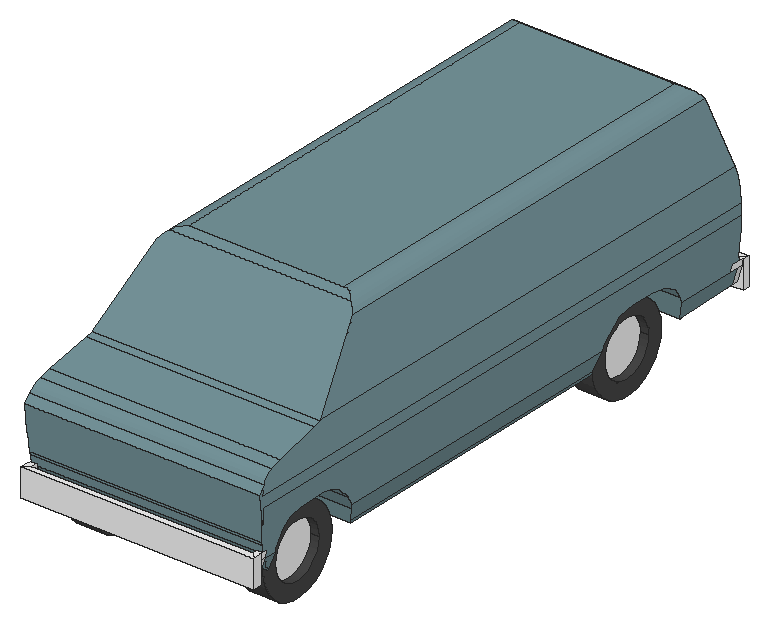
Revit family "325a13af71f342908502a2dc19538e72", category Entourage, Revit 2021
Family settings
  Seek Item ID = Van-0000-USA-ENU
  Work Plane-Based = No
  Always vertical = No
  Cut with Voids When Loaded = No
  Render Appearance Source = Family Geometry
  Shared = No
  Room Calculation Point = No
Parameters (values of type "Delivery Van")
  Tire Material = Rubber - Black
  Height = 0' - 0"
  Material = Metal - Paint Finish - Blue, Sky
Reference planes (in)
  plane 1 "Center (Front/Back)": x = 1.26923
  plane 2: z = 0
  plane 3 "Center (Left/Right)": y = -1.26923
  plane 4: y = 118.73077
  plane 5 "3": y = -77.26923
  plane 6 "1": x = -17.23503
  plane 7 "2": x = 20.48331
  plane 8: z = 24.54164
Forms (in)
  Extrusion 1, solid, material "Metal - Paint Finish - Blue, Sky" <- "Material"
    sketch origin (1.26923, -264, 0) x (0, -1, 0) y (0, 0, 1)
      loop
        line (-359.81964, 16.30561) -> (-357.88426, 24.06797) -> (-355.55174, 27.59022) -> (-351.43812, 29.96522) -> (-346.02168, 30.92029) -> (-337.77168, 30.92029) -> (-332.10904, 29.92181) -> (-326.37885, 24.54164) -> (-323.81374, 15.51764) -> (-226.56274, 15.51764) -> (-225.11272, 20.92919) -> (-222.58431, 25.49057) -> (-219.23865, 29.2063) -> (-216.14834, 30.84945) -> (-212.45531, 31.50063) -> (-202.95531, 31.50063) -> (-198.85012, 30.40065) -> (-196.09209, 28.24583) -> (-193.30443, 23.21677) -> (-192.4346, 17.02759) -> (-191.75067, 17.21085) -> (-188.33577, 23.91296) -> (-187.85355, 26.64775) -> (-187.74903, 27.64227) -> (-186.23332, 42.06329) -> (-188.24071, 44.29273)
        arc (-188.24071, 44.29273) -> (-189.78903, 46.14044) -> (-191.89645, 47.31097) r 6.61754
        line (-191.89645, 47.31097) -> (-195.51867, 48.28154) -> (-209.94634, 51.34824) -> (-212.36116, 51.99528) -> (-234.07283, 74.636)
        arc (-234.07283, 74.636) -> (-238.5288, 76.30779) -> (-243.22369, 77.08797) r 24.53861
        line (-243.22369, 77.08797) -> (-366.97369, 77.08797)
        arc (-366.97369, 77.08797) -> (-371.213, 75.93941) -> (-374.53579, 73.06713) r 9.88146
        arc (-374.53579, 73.06713) -> (-378.03866, 61.73038) -> (-380.75416, 50.1797) r 172.55714
        line (-380.75416, 50.1797) -> (-381.09619, 49.24001) -> (-381.42302, 45.50428) -> (-381.42302, 34.00428) -> (-380.58679, 26.0481) -> (-381.11712, 25.51777) -> (-380.27253, 17.48198) -> (-359.81964, 16.30561)
    from 38.23121 to -38.23121
  Extrusion 2, solid, material "Rubber - Black" <- "Tire Material"
    sketch origin (-3.73077, -40, 40) x (0, -1, 0) y (0, 0, 1)
      loop
        circle (-118.73124, -26) r 14
      loop
        circle (14.90305, -26) r 14
      loop
        circle (14.90305, -26) r 9
      loop
        circle (-118.73124, -26) r 9
    from 19 to 27
  Sweep 3, solid, material "Steel"
    path origin (225, 219, 0) x (1, 0, 0) y (0, 1, 0)
      loop
        line (-259.73077, -293.78817) -> (-259.73077, -296.78817) -> (-187.86909, -296.78817) -> (-187.86909, -293.78817)
    profile origin (0, -76.28817, 0) x (1, 0, 0) y (0, 0, 1)
      loop
        line (-34.73077, 15.54164) -> (-34.73077, 24.54164) -> (-36.73077, 24.54164) -> (-36.73077, 15.54164) -> (-34.73077, 15.54164)
  Sweep 4, solid, material "Steel"
    path origin (225, 219, 0) x (1, 0, 0) y (0, 1, 0)
      loop
        line (-259.73077, -104.70786) -> (-259.73077, -100.26923) -> (-187.86909, -100.26923) -> (-187.86909, -104.70786)
    profile origin (0, 116.51145, 0) x (-1, 0, 0) y (0, 0, 1)
      loop
        line (34.73077, 15.54164) -> (36.73077, 15.54164) -> (36.73077, 24.54164) -> (34.73077, 24.54164) -> (34.73077, 15.54164)
  Extrusion 5, solid, material "Steel"
    sketch origin (20.48331, 5, 0) x (0, 1, 0) y (0, 0, 1)
      loop
        circle (73.73124, 14) r 9
      loop
        circle (-59.90305, 14) r 9
    from -48.24289 to -43.21094
  Extrusion 6, solid, material "Rubber - Black" <- "Tire Material"
    sketch origin (6.26923, -40, 40) x (0, -1, 0) y (0, 0, -1)
      loop
        circle (-118.73124, 26) r 14
      loop
        circle (14.90305, 26) r 14
      loop
        circle (14.90305, 26) r 9
      loop
        circle (-118.73124, 26) r 9
    from 19 to 27
  Extrusion 7, solid, material "Steel"
    sketch origin (-17.94485, 224, 0) x (0, 1, 0) y (0, 0, -1)
      loop
        circle (-145.26876, -14) r 9
      loop
        circle (-278.90305, -14) r 9
    from -48.24289 to -43.21094
  Extrusion 8, void
    sketch origin (0, -77.26923, 0) x (0, 0, 1) y (-1, 0, 0)
      loop
        line (78.54164, 45.81457) -> (12.02091, 45.81457) -> (12.02091, 32.11967) -> (15.02091, 32.11967) -> (15.02091, 32.83992)
        arc (15.02091, 32.83992) -> (15.47684, 33.94062) -> (16.57754, 34.39654) r 1.55663
        line (16.57754, 34.39654) -> (22.31536, 36.15077) -> (37.79412, 36.96198) -> (41.54412, 36.96198)
        arc (41.54412, 36.96198) -> (46.83557, 36.42939) -> (52.0983, 35.66347) r 120.30261
        line (52.0983, 35.66347) -> (72.34066, 30.41597)
        arc (72.34066, 30.41597) -> (74.85282, 27.77417) -> (75.88461, 24.27767) r 7.77472
        line (75.88461, 24.27767) -> (75.88461, -26.03442)
        arc (75.88461, -26.03442) -> (75.03974, -29.96923) -> (72.34066, -32.95444) r 7.77472
        line (72.34066, -32.95444) -> (52.0983, -38.20193)
        arc (52.0983, -38.20193) -> (46.83557, -38.96785) -> (41.54412, -39.50044) r 120.30261
        line (41.54412, -39.50044) -> (37.79412, -39.50044) -> (22.31536, -38.68923) -> (16.57754, -36.935)
        arc (16.57754, -36.935) -> (15.47684, -36.47908) -> (15.02091, -35.37838) r 1.55663
        line (15.02091, -35.37838) -> (15.02091, -34.65814) -> (12.02091, -34.65814) -> (12.02091, -48.35303) -> (78.54164, -48.35303) -> (78.54164, 45.81457)
    from -196 to -0.42182
Cuts and joins
  Extrusion 8 cuts Extrusion 1
  Extrusion 8 cuts Extrusion 2
  Extrusion 8 cuts Sweep 3
  Extrusion 8 cuts Sweep 4
  Extrusion 8 cuts Extrusion 5
  Extrusion 8 cuts Extrusion 6
  Extrusion 8 cuts Extrusion 7
Lines and regions (in)
  Split face 1
    outline origin (-36.96198, -51.63884, 51.99528) x (1, 0, 0) y (0, 0.692143, 0.72176)
      loop
        line (4.04638, 0.88986) -> (72.04638, 0.88986) -> (67.35788, 27.47967) -> (8.35788, 27.47967) -> (4.04638, 0.88986)
  Split face 2
    outline origin (-35.66347, -76.84741, 52.0983) x (0.250939, 0, 0.968003) y (0, 1, 0)
      loop
        line (0.15234, 69.58243) -> (0.15234, 31.19597) -> (17.90454, 46.09184)
        arc (17.90454, 46.09184) -> (18.84258, 47.24628) -> (19.15234, 48.70117) r 3.17719
        line (19.15234, 48.70117) -> (19.15234, 70.57818) -> (0.15234, 69.58243)
  Split face 3
    outline origin (32.95444, -76.84741, 72.34066) x (0.250939, 0, -0.968003) y (0, 1, 0)
      loop
        arc (1.77144, 48.80618) -> (2.03215, 47.35278) -> (2.93779, 46.18652) r 3.08847
        line (2.93779, 46.18652) -> (20.77144, 31.33178) -> (20.77144, 69.58959) -> (1.77144, 70.56087) -> (1.77144, 48.80618)
  symbolic lines, style "Entourage"
    curve 1: line (-19.08853, 90.08819, 0) -> (-31.59181, 90.08819, 0)
    curve 2: line (-19.08853, 57.22252, 0) -> (-31.59181, 57.22252, 0)
    curve 3: line (-19.08853, 57.22252, 0) -> (-19.08853, 90.08819, 0)
    curve 4: line (-31.59181, 23.85512, 0) -> (-31.59181, 117.23077, 0)
    curve 5: line (34.13027, 117.23077, 0) -> (-31.59181, 117.23077, 0)
    curve 6: line (21.62699, 90.08819, 0) -> (34.13027, 90.08819, 0)
    curve 7: line (21.62699, 57.22252, 0) -> (34.13027, 57.22252, 0)
    curve 8: line (21.62699, 57.22252, 0) -> (21.62699, 90.08819, 0)
    curve 9: line (34.13027, 23.85512, 0) -> (34.13027, 117.23077, 0)
Dimensions and locks (in)
  plane 4 to plane 5 "3" = 16' - 4"
